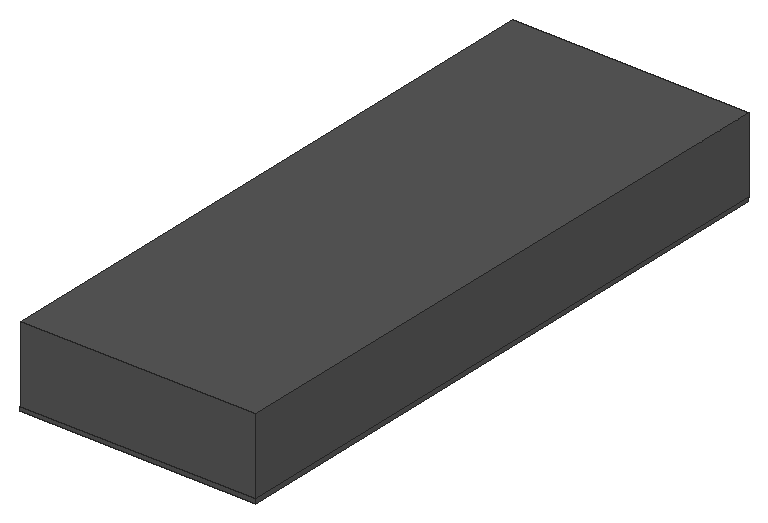
Revit family "ERA_LF_PR_SPP-503", category Осветительные приборы, Revit 2019 (continued)
Definition of nested family "LF_ИС_Пр_SPP-503"
  Types (5, lengths in mm): name | Корпус_Центр | Photometric Web File | built-in parameter 1150105 | Lumens | built-in parameter 1150106 | built-in parameter 1150142 | Wattage
    SPP-503-0-50K-050 | 369.391 | "SPP-503-0-50K-050.ies" | 559.52 (stored number, unit not read) | 5000 lm | 5.5952 (stored number, unit not read) | "IESNA:LM-63-1995\r\n[DATA] 28.01.2020\r\n[MANUFAC]??РА\r\n[LUMCAT] \r\n[LUMINAIRE] SPP-503-0-50K-050\r\n[LAMP] Светодиодный модуль\r\nTILT=NONE\r\n1 4410 4.409 91 37 1 2 0.39 0.154 0.055\r\n1 1 50.717\r\n0 1 2 3 4 5 6 7 8 9 10 11 12 13 14 15 16 17 18 19 20 21 22 23 24 25 26 27 28 29 30 31 32 33 34 35 36 37 38 39 40 41 42 43 44 45 46 47 48 49 50 51 52 53 54 55 56 57 58 59 60 61 62 63 64 65 66 67 68 69 70 71 72 73 74 75 76 77 78 79 80 81 82 83 84 85 86 87 88 89 90 \r\n0 10 20 30 40 50 60 70 80 90 100 110 120 130 140 150 160 170 180 190 200 210 220 230 240 250 260 270 280 290 300 310 320 330 340 350 360 \r\n290 291.2 292.4 293.7 295 296.1 296.9 297.8 299.3 301.4 303.8 306.2 308.5 310.6 312.7 314.8 317.2 319.9 322.9 326.1 329.5 333.1 336.7 340 343.1 346.7 351.3 356.1 360.6 364.6 368.9 374.3 380.2 385.9 391.3 396.5 401.8 407.5 413.5 419.8 426 431.8 437.6 443.7 450.1 456 461 465.5 469.7 473.8 478 482.2 486.2 489.7 492.3 493.5 493.2 491.6 489.6 487 482.9 476.7 468.5 458.7 447.3 434 417.9 396.1 365.6 326.1 280.5 231.8 182.1 133.5 89 53.2 29.2 15.4 8.8 6.7 6.5 5.9 4.9 3.8 2.7 1.8 1.2 0.9 0.7 0.6 0.5\r\n290 291 292 293 294.1 295.4 297 298.8 300.9 303.1 305.4 307.7 310 312.6 315.5 318.8 322.5 326.5 330.7 334.7 337.9 340.2 342.9 347.8 354.4 360.1 363.2 365.7 370.3 377.3 384.5 390 394.1 397.6 401.2 405.9 412.5 419.9 426.8 432.5 436.8 440 442.8 446.2 450.6 455.7 461.2 466.4 470.7 473.6 474.9 474.4 472.5 469.7 466.3 462.5 458.4 453.8 448.3 441.3 432.5 421.3 407.3 390 368.9 343.6 313.6 279.1 240.3 199.3 159.2 123.1 92.4 68.1 49.9 36.9 27.7 21.2 16.5 12.7 9.7 7.3 5.3 3.9 2.9 2.1 1.4 0.8 0.4 0.3 0.4\r\n290 289.4 289.2 289.4 289.9 291 292.5 294.2 295.7 297.2 299.8 304.1 309 313.1 316 318.6 321.8 325.4 329.5 333.9 338.5 343.2 347.5 350.7 353.3 357.1 363.2 370 375.5 379.1 382.2 386 390.8 396.6 403 408.9 413.5 416.8 419.2 421 422.6 424.2 425.9 427.7 429.3 430.5 430.9 430.3 428.6 425.7 421.5 415.8 408.6 399.8 389.3 377.2 363.5 348.2 331.1 312.3 291.9 270.1 247.1 223 198.3 173.2 148.1 123.3 99.4 77.2 58.6 44.9 35.2 28.3 23.2 19.3 16.1 13.3 11 9.2 7.7 6.4 5.3 4.3 3.5 2.6 1.8 1 0.5 0.3 0.4\r\n290 290.2 290.5 290.9 291.4 292.4 293.9 295.6 297.5 299.5 302.5 306.7 311.1 314.3 316.2 318.1 320.9 324.4 328.1 331.7 335.3 338.7 342.2 345.6 349.2 352.9 356.9 360.9 364.3 367.3 370.5 374.1 377.8 381 383.3 384.8 385.6 386 386.2 386.2 385.4 383.4 380.2 376.1 371.2 365.3 358.3 350 340.8 330.4 318.9 306.1 292 276.5 259.7 241.8 223.1 204 184.6 165.1 145.7 126.6 108.1 90.8 75.2 62 51.5 43.1 36.1 30 25 21.1 18.1 15.6 13.6 11.9 10.8 9.9 9.2 8.5 7.8 7.2 6.6 5.8 4.9 3.7 2.3 1 0.2 0 0.4\r\n290 289.4 289.7 291 293 295.4 298 300.6 303 305.1 306.9 308.6 310.7 313.6 317.3 321 324 326.6 329.1 331.7 334.6 337.8 340.9 343.8 346.4 348.9 351.5 353.8 355.6 356.8 357.5 357.9 357.8 357 355.5 353.2 350.2 346.6 342.2 337.1 331 323.8 315.6 306.5 296.5 285.9 274.7 262.9 250.5 237.4 223.8 209.7 195.1 179.9 164.3 148.4 132.4 116.6 101.2 86.9 74.1 63.3 54.4 47.1 41.1 36.3 32.3 28.9 25.9 23.1 20.6 18.3 16.3 14.7 13.2 12.1 11.2 10.4 9.5 8.6 7.6 6.7 5.8 5.1 4.4 3.6 2.4 1.2 0.3 0 0.3\r\n290 291.5 293.1 294.7 296.4 298.3 300.4 302.6 304.8 306.9 309.3 311.8 314.7 317.8 321.1 324.3 327 329.2 330.8 332.1 334.3 337.9 341.4 342.7 341.7 340.7 341.2 342.4 342.9 342 339.4 335.1 330.1 325.3 321 316.9 312.2 306.7 299.9 291.6 282.2 271.9 261.1 250.1 239.1 228 217 205.9 194.5 182.5 169.9 156.6 142.6 128.2 113.8 99.9 87 75.5 65.6 57.4 50.7 45.2 40.6 36.2 32 28.2 24.9 22.2 19.9 17.9 16.2 14.8 13.6 12.7 12 11.3 10.7 10 9.4 8.9 8.3 7.6 6.7 5.4 4 2.5 1.4 0.6 0.1 0 0.2\r\n290 290.1 290.8 292.1 293.9 295.8 297.7 299.7 301.8 304.2 306.5 308.7 311 314.1 317.6 320.7 322.9 324.3 325.5 326.6 327.6 328.4 329.1 329.7 330 328.9 325.7 321.8 318.6 316.5 314.3 311 306.4 300.1 292.6 284.5 276.5 268.5 260.8 253.1 245.2 236.8 227.6 217.5 206.4 194.7 182.5 170.1 157.7 145.5 133.3 121 108.9 96.8 85 74 64 55.5 48.5 43.1 38.6 34.5 30.6 26.8 23.3 20.2 17.8 15.7 13.9 12.2 10.9 9.9 9.2 8.4 7.7 6.9 6.3 5.8 5.5 5.3 5.1 4.9 4.5 3.9 3 2 1.2 0.5 0.2 0 0.2\r\n290 289.9 290.5 291.9 293.9 295.9 297.7 299.5 301.6 304.1 306.7 309.2 311.5 313.8 316 318 319.7 321.1 322.2 322.9 323.4 323.5 323.2 322.3 321 318.9 316.2 312.9 308.9 304.4 299.2 293.4 287.1 280.6 273.9 267.2 260.4 253.1 244.9 235.7 225.9 215.6 205.4 195.7 186.2 175.9 164.2 151.7 139.1 127 115 103 91.3 80 69.6 60.5 53.2 47.1 41.9 37.1 32.8 28.9 25.4 22.2 19.4 17 14.9 13.1 11.8 10.7 9.8 8.9 8.2 7.5 6.9 6.4 5.8 5.4 4.9 4.5 4.1 3.6 3 2.4 1.8 1.4 1 0.7 0.6 0.6 0.6\r\n290 289.8 290.1 291 292.3 294 296.1 298.8 302.1 305.8 308.8 310.2 310.9 312 314 316.5 319.2 321.5 322.4 321.9 320.4 318.3 315.9 313.2 310.4 307.1 303.5 299.4 294.9 290.1 284.7 278.9 272.5 265.8 258.6 250.9 242.8 234.3 225.6 216.7 207.6 198.2 188.5 178.4 167.9 157.1 146 134.5 122.8 111 99.4 88.3 77.8 68.3 59.9 52.5 46.2 40.8 36.1 32.1 28.5 25.1 22 19.2 16.7 14.7 13 11.6 10.5 9.7 9 8.4 7.9 7.3 6.6 5.8 5 4.2 3.5 2.9 2.4 2 1.7 1.3 1 0.6 0.4 0.3 0.2 0 0\r\n290 291 292.1 293.4 294.8 296.4 298.2 300 301.8 303.6 305.4 307.2 309 310.8 312.5 314.5 316.9 319.1 320.8 321.4 321 319.6 317.7 315.8 314.1 311.9 308.8 305 300.5 295.5 290.1 284.2 277.9 271.3 264.4 257 248.9 240.3 231.3 221.9 212.3 202.6 192.6 182.4 171.9 160.9 149.6 137.8 125.6 113.2 100.9 88.9 77.7 67.6 58.9 51.5 45.1 39.7 35 30.7 27 23.5 20.5 17.9 15.8 14.1 12.8 11.7 10.7 9.7 8.8 8 7.2 6.4 5.6 4.8 4 3.3 2.7 2.4 2.1 1.9 1.7 1.3 0.9 0.6 0.3 0.1 0 0 0\r\n290 290.9 292.1 293.6 295.5 297.6 299.8 302 303.9 305.5 307.2 309.2 311.5 313.8 316 317.8 319.1 319.9 320.2 320.1 319.4 318.1 316.3 314.2 311.7 308.7 305.2 301.1 296.4 291.4 286 280.3 274.2 267.5 260.2 252.5 244.4 236.2 227.6 218.9 209.8 200.4 190.6 180.6 170.2 159.4 148.2 136.5 124.3 111.9 99.5 87.5 76.1 65.9 56.9 49.2 42.8 37.6 33.7 30.7 28 25.2 22.4 19.9 17.6 15.7 14 12.6 11.5 10.6 9.9 9.2 8.5 7.9 7.2 6.4 5.5 4.7 4 3.4 3 2.6 2.2 1.9 1.6 1.5 1.3 1.3 1.2 1.1 1.1\r\n290 290.6 291.3 292.3 293.5 295.2 297.4 299.8 302.2 304.5 306.8 309.1 311.4 313.5 315.5 317.3 318.9 320.4 321.8 322.8 323.4 323.2 322.7 322 321.1 319.2 315.9 311.8 308 304.5 300.5 295.3 289.2 282.7 276.1 269 261.3 253.2 244.7 235.9 226.9 217.5 207.9 197.9 187.5 176.7 165.4 153.6 141.5 129.1 116.5 104.1 92 80.5 69.8 60.3 51.9 44.9 39.5 35.3 32.1 29.2 26.5 23.7 20.9 18.2 16 14.2 12.7 11.6 10.6 9.8 9 8.2 7.5 6.9 6.3 5.8 5.3 4.8 4.3 3.8 3.3 2.8 2.2 1.7 1.3 1 0.8 0.8 0.9\r\n290 290.3 291.2 292.7 294.4 296.2 297.6 299.2 301.4 304.3 307 309.1 310.9 313 315.6 318.1 320.2 322 323.7 325.2 326.3 327.1 327.3 326.9 325.9 324.4 322.7 320.6 318 314.6 310.7 306.1 301 295.4 289.2 282.6 275.5 268 260.3 252.4 244.3 235.7 226.7 216.9 206.4 195.3 183.9 172.4 161 149.6 137.4 124.1 110.3 96.6 83.9 72.6 62.8 54.6 47.4 41.2 36.3 32.7 29.7 26.8 23.7 20.8 18.4 16.4 14.5 12.7 11.3 10.2 9.3 8.6 7.8 7.1 6.4 5.8 5.3 4.8 4.4 4.2 3.8 3.3 2.6 1.9 1.3 0.9 0.6 0.6 0.6\r\n290 291.5 292.7 293.9 295 296.5 298.5 300.6 302.4 304.1 306.3 309.3 312.5 315.1 317 319.1 321.9 325 327.6 329.7 331.4 333.1 334.5 335.6 336.2 336.6 336.6 336.3 335.6 334.3 332.4 330 326.9 323.2 318.9 313.8 308 301.3 293.8 285.6 276.9 268 259 250.2 241.1 231.1 219.8 207.6 195.5 183.5 171.3 158.5 144.9 130.5 115.7 101.3 88.1 76.3 65.7 56.4 48.9 43.1 38.6 34.5 30.6 27.1 24.2 21.6 19.4 17.3 15.6 14.2 13 12.1 11.4 10.8 10.1 9.5 9 8.5 8 7.2 6.2 5.1 4 2.9 1.9 1 0.4 0.3 0.6\r\n290 289.3 289.4 290.4 292 293.9 295.6 297.5 299.6 301.9 304.5 307 309.4 311.8 314.2 316.8 319.5 322.4 325.2 327.9 330.4 332.7 334.9 337.3 339.9 342.9 346 348.3 348.8 347.9 347.4 348.6 350 349.1 346 343.1 341.8 340.3 336.1 329.1 321.7 315.9 310.5 303.9 295.1 284.5 272.4 259.7 247.2 235 222.7 209.9 196.3 181.8 166.4 150.4 134 117.6 101.8 87 73.8 62.5 53 45.3 39.2 34.3 30.4 27.2 24.4 21.8 19.5 17.5 15.8 14.3 13.1 12 11.1 10.2 9.4 8.6 7.7 6.7 5.8 5 4.3 3.5 2.6 1.8 1.1 0.7 0.6\r\n290 289.3 289.3 290 291.3 292.9 294.6 296.5 298.6 300.9 303.2 305.4 307.5 309.8 312.4 315.1 317.9 320.7 323.6 326.4 329.4 332.8 336.4 340.4 344.5 348.4 351.8 354.6 356.6 358.5 361 364.7 368.7 371.8 373.4 373.9 373.6 373.4 374.3 375.6 375.1 371.3 366.2 362.3 359.6 355.3 347.4 337.5 327.6 318.3 308.5 297.1 283.8 268.6 251.9 235.2 219.2 202.9 184.6 164.5 144.2 125 107.1 90.6 75.5 62.2 50.9 41.7 34.6 29.3 25 21.3 18 15.4 13.4 11.8 10.6 9.6 8.9 8.3 7.7 7.1 6.3 5.6 4.7 3.8 2.6 1.5 0.7 0.5 0.6\r\n290 290.2 290.8 291.7 292.9 294.2 295.4 296.9 298.7 300.9 303.2 305.5 307.8 310 312.3 314.7 317.5 320.8 324.7 329.1 332.9 335.6 337.9 340.9 344.8 349.4 354.2 358.7 362.3 365.4 369.4 375 380.8 385 387.5 390.6 395.6 400.9 404.4 405.9 407.5 410.8 414.1 415.2 413.9 412.5 412.2 411.5 408.1 401.9 395.6 390.7 385.5 377.3 366.1 353.8 342.2 330.3 316.6 300.5 282.2 261.9 240.2 217.7 194.8 171.6 148 124.4 100.9 78.5 59.3 44.8 34.5 27.2 22 18.3 15.3 12.9 10.8 9 7.4 6.1 5 4.1 3.4 2.7 2 1.3 0.8 0.6 0.7\r\n290 289.5 290 291.4 293.3 295 295.9 296.5 297.8 299.8 302.2 304.4 306.7 309.1 311.8 314.4 316.9 319.4 322.1 325.1 328.4 331.9 335.6 339.2 343 347.3 352.2 357.5 363 368.3 372.7 376.1 379.9 385.5 392.6 399.4 404.3 408.5 413.5 419.6 425.6 430.7 435.3 440.2 445.3 449.7 452.7 455.2 458.7 462.5 464.7 463.6 461.6 461.7 463.3 462.5 456.7 448.5 441.5 435.8 427.7 414.4 398 381.7 364.9 343.6 314.7 279.6 240.8 200.5 160.3 122 88.1 61.6 43 30.6 22.7 17.8 14.2 11.1 8.6 6.5 4.9 3.7 2.8 2.1 1.5 1.1 0.8 0.7 0.9\r\n290 291.2 292.4 293.7 295 296.1 296.9 297.8 299.3 301.4 303.8 306.2 308.5 310.6 312.7 314.8 317.2 319.9 322.9 326.1 329.5 333.1 336.7 340 343.1 346.7 351.3 356.1 360.6 364.6 368.9 374.3 380.2 385.9 391.3 396.5 401.8 407.5 413.5 419.8 426 431.8 437.6 443.7 450.1 456 461 465.5 469.7 473.8 478 482.2 486.2 489.7 492.3 493.5 493.2 491.6 489.6 487 482.9 476.7 468.5 458.7 447.3 434 417.9 396.1 365.6 326.1 280.5 231.8 182.1 133.5 89 53.2 29.2 15.4 8.8 6.7 6.5 5.9 4.9 3.8 2.7 1.8 1.2 0.9 0.7 0.6 0.5\r\n290 289.5 290 291.4 293.3 295 295.9 296.5 297.8 299.8 302.2 304.4 306.7 309.1 311.8 314.4 316.9 319.4 322.1 325.1 328.4 331.9 335.6 339.2 343 347.3 352.2 357.5 363 368.3 372.7 376.1 379.9 385.5 392.6 399.4 404.3 408.5 413.5 419.6 425.6 430.7 435.3 440.2 445.3 449.7 452.7 455.2 458.7 462.5 464.7 463.6 461.6 461.7 463.3 462.5 456.7 448.5 441.5 435.8 427.7 414.4 398 381.7 364.9 343.6 314.7 279.6 240.8 200.5 160.3 122 88.1 61.6 43 30.6 22.7 17.8 14.2 11.1 8.6 6.5 4.9 3.7 2.8 2.1 1.5 1.1 0.8 0.7 0.9\r\n290 290.2 290.8 291.7 292.9 294.2 295.4 296.9 298.7 300.9 303.2 305.5 307.8 310 312.3 314.7 317.5 320.8 324.7 329.1 332.9 335.6 337.9 340.9 344.8 349.4 354.2 358.7 362.3 365.4 369.4 375 380.8 385 387.5 390.6 395.6 400.9 404.4 405.9 407.5 410.8 414.1 415.2 413.9 412.5 412.2 411.5 408.1 401.9 395.6 390.7 385.5 377.3 366.1 353.8 342.2 330.3 316.6 300.5 282.2 261.9 240.2 217.7 194.8 171.6 148 124.4 100.9 78.5 59.3 44.8 34.5 27.2 22 18.3 15.3 12.9 10.8 9 7.4 6.1 5 4.1 3.4 2.7 2 1.3 0.8 0.6 0.7\r\n290 289.3 289.3 290 291.3 292.9 294.6 296.5 298.6 300.9 303.2 305.4 307.5 309.8 312.4 315.1 317.9 320.7 323.6 326.4 329.4 332.8 336.4 340.4 344.5 348.4 351.8 354.6 356.6 358.5 361 364.7 368.7 371.8 373.4 373.9 373.6 373.4 374.3 375.6 375.1 371.3 366.2 362.3 359.6 355.3 347.4 337.5 327.6 318.3 308.5 297.1 283.8 268.6 251.9 235.2 219.2 202.9 184.6 164.5 144.2 125 107.1 90.6 75.5 62.2 50.9 41.7 34.6 29.3 25 21.3 18 15.4 13.4 11.8 10.6 9.6 8.9 8.3 7.7 7.1 6.3 5.6 4.7 3.8 2.6 1.5 0.7 0.5 0.6\r\n290 289.3 289.4 290.4 292 293.9 295.6 297.5 299.6 301.9 304.5 307 309.4 311.8 314.2 316.8 319.5 322.4 325.2 327.9 330.4 332.7 334.9 337.3 339.9 342.9 346 348.3 348.8 347.9 347.4 348.6 350 349.1 346 343.1 341.8 340.3 336.1 329.1 321.7 315.9 310.5 303.9 295.1 284.5 272.4 259.7 247.2 235 222.7 209.9 196.3 181.8 166.4 150.4 134 117.6 101.8 87 73.8 62.5 53 45.3 39.2 34.3 30.4 27.2 24.4 21.8 19.5 17.5 15.8 14.3 13.1 12 11.1 10.2 9.4 8.6 7.7 6.7 5.8 5 4.3 3.5 2.6 1.8 1.1 0.7 0.6\r\n290 291.5 292.7 293.9 295 296.5 298.5 300.6 302.4 304.1 306.3 309.3 312.5 315.1 317 319.1 321.9 325 327.6 329.7 331.4 333.1 334.5 335.6 336.2 336.6 336.6 336.3 335.6 334.3 332.4 330 326.9 323.2 318.9 313.8 308 301.3 293.8 285.6 276.9 268 259 250.2 241.1 231.1 219.8 207.6 195.5 183.5 171.3 158.5 144.9 130.5 115.7 101.3 88.1 76.3 65.7 56.4 48.9 43.1 38.6 34.5 30.6 27.1 24.2 21.6 19.4 17.3 15.6 14.2 13 12.1 11.4 10.8 10.1 9.5 9 8.5 8 7.2 6.2 5.1 4 2.9 1.9 1 0.4 0.3 0.6\r\n290 290.3 291.2 292.7 294.4 296.2 297.6 299.2 301.4 304.3 307 309.1 310.9 313 315.6 318.1 320.2 322 323.7 325.2 326.3 327.1 327.3 326.9 325.9 324.4 322.7 320.6 318 314.6 310.7 306.1 301 295.4 289.2 282.6 275.5 268 260.3 252.4 244.3 235.7 226.7 216.9 206.4 195.3 183.9 172.4 161 149.6 137.4 124.1 110.3 96.6 83.9 72.6 62.8 54.6 47.4 41.2 36.3 32.7 29.7 26.8 23.7 20.8 18.4 16.4 14.5 12.7 11.3 10.2 9.3 8.6 7.8 7.1 6.4 5.8 5.3 4.8 4.4 4.2 3.8 3.3 2.6 1.9 1.3 0.9 0.6 0.6 0.6\r\n290 290.6 291.3 292.3 293.5 295.2 297.4 299.8 302.2 304.5 306.8 309.1 311.4 313.5 315.5 317.3 318.9 320.4 321.8 322.8 323.4 323.2 322.7 322 321.1 319.2 315.9 311.8 308 304.5 300.5 295.3 289.2 282.7 276.1 269 261.3 253.2 244.7 235.9 226.9 217.5 207.9 197.9 187.5 176.7 165.4 153.6 141.5 129.1 116.5 104.1 92 80.5 69.8 60.3 51.9 44.9 39.5 35.3 32.1 29.2 26.5 23.7 20.9 18.2 16 14.2 12.7 11.6 10.6 9.8 9 8.2 7.5 6.9 6.3 5.8 5.3 4.8 4.3 3.8 3.3 2.8 2.2 1.7 1.3 1 0.8 0.8 0.9\r\n290 290.9 292.1 293.6 295.5 297.6 299.8 302 303.9 305.5 307.2 309.2 311.5 313.8 316 317.8 319.1 319.9 320.2 320.1 319.4 318.1 316.3 314.2 311.7 308.7 305.2 301.1 296.4 291.4 286 280.3 274.2 267.5 260.2 252.5 244.4 236.2 227.6 218.9 209.8 200.4 190.6 180.6 170.2 159.4 148.2 136.5 124.3 111.9 99.5 87.5 76.1 65.9 56.9 49.2 42.8 37.6 33.7 30.7 28 25.2 22.4 19.9 17.6 15.7 14 12.6 11.5 10.6 9.9 9.2 8.5 7.9 7.2 6.4 5.5 4.7 4 3.4 3 2.6 2.2 1.9 1.6 1.5 1.3 1.3 1.2 1.1 1.1\r\n290 291.4 292.7 293.8 294.9 296.4 298.3 300.6 303.2 305.8 308.2 310 311.6 313.3 315.1 316.7 317.9 318.7 319 318.9 318.7 318.2 317.2 314.9 311.4 307.4 303.2 298.8 294.1 288.8 283.2 277.2 270.8 263.8 256.3 248.6 240.8 233 225.4 217.6 209.4 200.3 190.6 180.6 170.4 159.9 149 137.6 125.9 113.8 101.7 89.7 78.3 67.8 58.5 50.4 43.6 38 33.8 30.6 27.9 25.1 22.4 19.9 17.8 16 14.5 13.2 12 11 10 9.2 8.4 7.6 6.8 5.9 5 4.3 3.8 3.4 3.1 2.8 2.4 2.1 1.8 1.5 1.3 1.1 1 1 0.9\r\n290 289.8 290.1 291 292.3 294 296.1 298.8 302.1 305.8 308.8 310.2 310.9 312 314 316.5 319.2 321.5 322.4 321.9 320.4 318.3 315.9 313.2 310.4 307.1 303.5 299.4 294.9 290.1 284.7 278.9 272.5 265.8 258.6 250.9 242.8 234.3 225.6 216.7 207.6 198.2 188.5 178.4 167.9 157.1 146 134.5 122.8 111 99.4 88.3 77.8 68.3 59.9 52.5 46.2 40.8 36.1 32.1 28.5 25.1 22 19.2 16.7 14.7 13 11.6 10.5 9.7 9 8.4 7.9 7.3 6.6 5.8 5 4.2 3.5 2.9 2.4 2 1.7 1.3 1 0.6 0.4 0.3 0.2 0 0\r\n290 289.9 290.5 291.9 293.9 295.9 297.7 299.5 301.6 304.1 306.7 309.2 311.5 313.8 316 318 319.7 321.1 322.2 322.9 323.4 323.5 323.2 322.3 321 318.9 316.2 312.9 308.9 304.4 299.2 293.4 287.1 280.6 273.9 267.2 260.4 253.1 244.9 235.7 225.9 215.6 205.4 195.7 186.2 175.9 164.2 151.7 139.1 127 115 103 91.3 80 69.6 60.5 53.2 47.1 41.9 37.1 32.8 28.9 25.4 22.2 19.4 17 14.9 13.1 11.8 10.7 9.8 8.9 8.2 7.5 6.9 6.4 5.8 5.4 4.9 4.5 4.1 3.6 3 2.4 1.8 1.4 1 0.7 0.6 0.6 0.6\r\n290 290.1 290.8 292.1 293.9 295.8 297.7 299.7 301.8 304.2 306.5 308.7 311 314.1 317.6 320.7 322.9 324.3 325.5 326.6 327.6 328.4 329.1 329.7 330 328.9 325.7 321.8 318.6 316.5 314.3 311 306.4 300.1 292.6 284.5 276.5 268.5 260.8 253.1 245.2 236.8 227.6 217.5 206.4 194.7 182.5 170.1 157.7 145.5 133.3 121 108.9 96.8 85 74 64 55.5 48.5 43.1 38.6 34.5 30.6 26.8 23.3 20.2 17.8 15.7 13.9 12.2 10.9 9.9 9.2 8.4 7.7 6.9 6.3 5.8 5.5 5.3 5.1 4.9 4.5 3.9 3 2 1.2 0.5 0.2 0 0.2\r\n290 291.5 293.1 294.7 296.4 298.3 300.4 302.6 304.8 306.9 309.3 311.8 314.7 317.8 321.1 324.3 327 329.2 330.8 332.1 334.3 337.9 341.4 342.7 341.7 340.7 341.2 342.4 342.9 342 339.4 335.1 330.1 325.3 321 316.9 312.2 306.7 299.9 291.6 282.2 271.9 261.1 250.1 239.1 228 217 205.9 194.5 182.5 
      169.9 156.6 142.6 128.2 113.8 99.9 87 75.5 65.6 57.4 50.7 45.2 40.6 36.2 32 28.2 24.9 22.2 19.9 17.9 16.2 14.8 13.6 12.7 12 11.3 10.7 10 9.4 8.9 8.3 7.6 6.7 5.4 4 2.5 1.4 0.6 0.1 0 0.2\r\n290 289.4 289.7 291 293 295.4 298 300.6 303 305.1 306.9 308.6 310.7 313.6 317.3 321 324 326.6 329.1 331.7 334.6 337.8 340.9 343.8 346.4 348.9 351.5 353.8 355.6 356.8 357.5 357.9 357.8 357 355.5 353.2 350.2 346.6 342.2 337.1 331 323.8 315.6 306.5 296.5 285.9 274.7 262.9 250.5 237.4 223.8 209.7 195.1 179.9 164.3 148.4 132.4 116.6 101.2 86.9 74.1 63.3 54.4 47.1 41.1 36.3 32.3 28.9 25.9 23.1 20.6 18.3 16.3 14.7 13.2 12.1 11.2 10.4 9.5 8.6 7.6 6.7 5.8 5.1 4.4 3.6 2.4 1.2 0.3 0 0.3\r\n290 290.2 290.5 290.9 291.4 292.4 293.9 295.6 297.5 299.5 302.5 306.7 311.1 314.3 316.2 318.1 320.9 324.4 328.1 331.7 335.3 338.7 342.2 345.6 349.2 352.9 356.9 360.9 364.3 367.3 370.5 374.1 377.8 381 383.3 384.8 385.6 386 386.2 386.2 385.4 383.4 380.2 376.1 371.2 365.3 358.3 350 340.8 330.4 318.9 306.1 292 276.5 259.7 241.8 223.1 204 184.6 165.1 145.7 126.6 108.1 90.8 75.2 62 51.5 43.1 36.1 30 25 21.1 18.1 15.6 13.6 11.9 10.8 9.9 9.2 8.5 7.8 7.2 6.6 5.8 4.9 3.7 2.3 1 0.2 0 0.4\r\n290 289.4 289.2 289.4 289.9 291 292.5 294.2 295.7 297.2 299.8 304.1 309 313.1 316 318.6 321.8 325.4 329.5 333.9 338.5 343.2 347.5 350.7 353.3 357.1 363.2 370 375.5 379.1 382.2 386 390.8 396.6 403 408.9 413.5 416.8 419.2 421 422.6 424.2 425.9 427.7 429.3 430.5 430.9 430.3 428.6 425.7 421.5 415.8 408.6 399.8 389.3 377.2 363.5 348.2 331.1 312.3 291.9 270.1 247.1 223 198.3 173.2 148.1 123.3 99.4 77.2 58.6 44.9 35.2 28.3 23.2 19.3 16.1 13.3 11 9.2 7.7 6.4 5.3 4.3 3.5 2.6 1.8 1 0.5 0.3 0.4\r\n290 291 292 293 294.1 295.4 297 298.8 300.9 303.1 305.4 307.7 310 312.6 315.5 318.8 322.5 326.5 330.7 334.7 337.9 340.2 342.9 347.8 354.4 360.1 363.2 365.7 370.3 377.3 384.5 390 394.1 397.6 401.2 405.9 412.5 419.9 426.8 432.5 436.8 440 442.8 446.2 450.6 455.7 461.2 466.4 470.7 473.6 474.9 474.4 472.5 469.7 466.3 462.5 458.4 453.8 448.3 441.3 432.5 421.3 407.3 390 368.9 343.6 313.6 279.1 240.3 199.3 159.2 123.1 92.4 68.1 49.9 36.9 27.7 21.2 16.5 12.7 9.7 7.3 5.3 3.9 2.9 2.1 1.4 0.8 0.4 0.3 0.4\r\n290 291.2 292.4 293.7 295 296.1 296.9 297.8 299.3 301.4 303.8 306.2 308.5 310.6 312.7 314.8 317.2 319.9 322.9 326.1 329.5 333.1 336.7 340 343.1 346.7 351.3 356.1 360.6 364.6 368.9 374.3 380.2 385.9 391.3 396.5 401.8 407.5 413.5 419.8 426 431.8 437.6 443.7 450.1 456 461 465.5 469.7 473.8 478 482.2 486.2 489.7 492.3 493.5 493.2 491.6 489.6 487 482.9 476.7 468.5 458.7 447.3 434 417.9 396.1 365.6 326.1 280.5 231.8 182.1 133.5 89 53.2 29.2 15.4 8.8 6.7 6.5 5.9 4.9 3.8 2.7 1.8 1.2 0.9 0.7 0.6 0.5\r\n" | 33.6605 W
